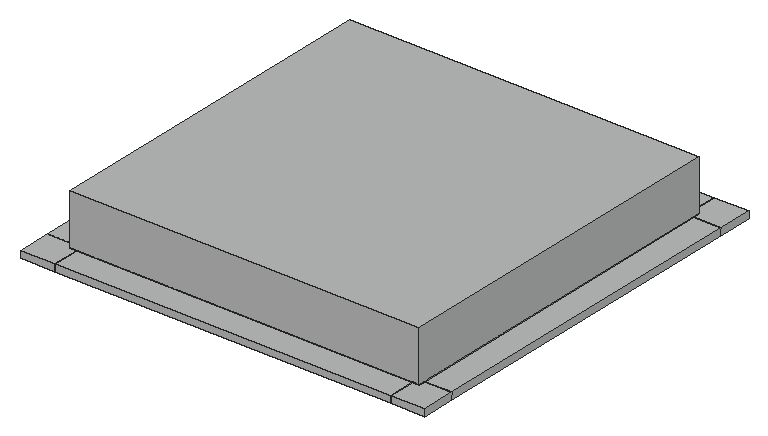
Revit family "ALUMOGIPS", category Осветительные приборы, Revit 2019 (continued)
Types (72, lengths in mm): name | Файл фотометрической сетки | built-in parameter 1150105 | Lumens | built-in parameter 1150106 | built-in parameter 1150142 | Wattage | Emit from Rectangle Width | Emit from Rectangle Length | Длина | Материал светильника | Ширина | ADSK_Ток | ADSK_Полная мощность | ADSK_Обозначение | ADSK_Номинальная мощность | ADSK_Наименование | ADSK_Масса | ADSK_Код изделия
  Alumogips-38/opal-sand 610х610 (IP40, 4000К, белый, грильято) | "Светильник ALUMOGIPS-38 OPAL-SAND-(610x610).IES" | 302.39 (stored number, unit not read) | 3800 lm | 3.0239 (stored number, unit not read) | "IESNA:LM-63-95\r\n[TEST] Протокол № 50-12 \r\n[DATA] 20.06.2016\r\n[MORE] \r\n[MANUFAC] ЗАО \"Центрстройсвет\"\r\n[LUMCAT]  Светильник ALUMOGIPS-38/OPAL-SAND-(610x610)\r\n[LUMINAIRE]\r\n[LAMPCAT] Светодиоды\r\n[LAMP] Поток источника света (светодиодов) не известен\r\n[MORE] КСС приведена в абсолютных величинах кд\r\n[MORE] Вместо потока лампы, указан поток светильника.\r\nTILT=NONE\r\n1    3750 1.0 37 73 1 2 0.61 0.61 0.04\r\n1.0 1.0 38.7\r\n0.0 5.0 10.0 15.0 20.0 25.0 30.0 35.0 40.0 45.0 50.0 55.0 60.0 65.0 70.0 75.0 80.0 85.0 90.0 95.0 100.0 105.0 110.0 115.0 120.0 125.0 130.0 135.0 140.0 145.0 150.0 155.0 160.0 165.0 170.0 175.0 180.0\r\n0.0 5.0 10.0 15.0 20.0 25.0 30.0 35.0 40.0 45.0 50.0 55.0 60.0 65.0 70.0 75.0 80.0 85.0 90.0 95.0 100.0 105.0 110.0 115.0 120.0 125.0 130.0 135.0 140.0 145.0 150.0 155.0 160.0 165.0 170.0 175.0 180.0 185.0 190.0 195.0 200.0 205.0 210.0 215.0 220.0 225.0 230.0 235.0 240.0 245.0 250.0 255.0 260.0 265.0 270.0 275.0 280.0 285.0 290.0 295.0 300.0 305.0 310.0 315.0 320.0 325.0 330.0 335.0 340.0 345.0 350.0 355.0 360.0\r\n1391.4 1390.6 1365.7 1330.6 1277.5 1214.9 1147.5 1059.6 967.6 873.2 772.4 664.9 556.3 449.1 342.7 240.6 147.1 64.2 4.7 0.0 0.0 0.0 0.0 0.0 0.0 0.0 0.0 0.0 0.0 0.0 0.0 0.0 0.0 0.0 0.0 0.0 0.0\r\n1391.4 1390.5 1367.8 1332.7 1284.3 1221.3 1147.0 1062.1 969.2 872.4 773.2 666.3 557.1 450.1 343.8 241.9 146.9 64.7 5.2 0.0 0.0 0.0 0.0 0.0 0.0 0.0 0.0 0.0 0.0 0.0 0.0 0.0 0.0 0.0 0.0 0.0 0.0\r\n1391.4 1390.2 1372.0 1333.3 1277.3 1216.8 1144.5 1057.4 969.6 875.1 773.8 669.5 560.0 454.6 345.8 242.4 148.5 65.8 5.4 0.0 0.0 0.0 0.0 0.0 0.0 0.0 0.0 0.0 0.0 0.0 0.0 0.0 0.0 0.0 0.0 0.0 0.0\r\n1391.4 1389.8 1371.2 1330.7 1279.5 1220.5 1148.3 1059.9 967.7 873.2 767.5 666.8 561.4 453.0 347.1 243.7 149.9 65.6 5.8 0.0 0.0 0.0 0.0 0.0 0.0 0.0 0.0 0.0 0.0 0.0 0.0 0.0 0.0 0.0 0.0 0.0 0.0\r\n1391.4 1389.8 1368.3 1329.3 1285.0 1214.6 1141.1 1058.7 971.8 871.3 775.2 666.9 559.4 452.6 345.8 242.5 150.0 65.8 6.1 0.0 0.0 0.0 0.0 0.0 0.0 0.0 0.0 0.0 0.0 0.0 0.0 0.0 0.0 0.0 0.0 0.0 0.0\r\n1391.4 1390.5 1367.3 1332.3 1281.7 1219.0 1142.8 1064.6 970.5 874.4 772.1 667.5 560.2 453.0 346.2 241.8 149.4 65.7 5.6 0.0 0.0 0.0 0.0 0.0 0.0 0.0 0.0 0.0 0.0 0.0 0.0 0.0 0.0 0.0 0.0 0.0 0.0\r\n1391.4 1391.4 1368.1 1333.5 1277.3 1215.7 1139.0 1059.6 968.1 872.4 771.6 667.4 558.8 453.3 344.3 243.9 148.4 65.7 5.4 0.0 0.0 0.0 0.0 0.0 0.0 0.0 0.0 0.0 0.0 0.0 0.0 0.0 0.0 0.0 0.0 0.0 0.0\r\n1391.4 1391.7 1368.1 1330.4 1278.2 1213.9 1142.4 1061.6 967.4 875.1 772.0 669.3 561.1 452.5 345.2 242.1 148.3 65.4 5.5 0.0 0.0 0.0 0.0 0.0 0.0 0.0 0.0 0.0 0.0 0.0 0.0 0.0 0.0 0.0 0.0 0.0 0.0\r\n1391.4 1391.5 1371.0 1328.4 1278.5 1216.7 1142.1 1061.2 971.8 874.7 772.1 668.9 560.8 452.9 345.4 243.3 147.7 66.0 5.4 0.0 0.0 0.0 0.0 0.0 0.0 0.0 0.0 0.0 0.0 0.0 0.0 0.0 0.0 0.0 0.0 0.0 0.0\r\n1391.4 1391.5 1373.2 1330.5 1277.3 1215.5 1143.2 1063.6 967.0 872.7 772.2 669.4 558.9 453.2 346.6 241.9 148.1 65.2 5.5 0.0 0.0 0.0 0.0 0.0 0.0 0.0 0.0 0.0 0.0 0.0 0.0 0.0 0.0 0.0 0.0 0.0 0.0\r\n1391.4 1391.4 1369.7 1328.3 1281.3 1216.0 1139.8 1057.9 968.7 875.3 773.9 667.6 561.8 454.0 344.0 243.1 147.2 65.6 5.5 0.0 0.0 0.0 0.0 0.0 0.0 0.0 0.0 0.0 0.0 0.0 0.0 0.0 0.0 0.0 0.0 0.0 0.0\r\n1391.4 1390.5 1367.9 1330.1 1278.1 1218.1 1138.9 1061.0 970.0 871.8 770.4 669.3 560.2 453.4 346.9 242.1 148.3 65.2 5.2 0.0 0.0 0.0 0.0 0.0 0.0 0.0 0.0 0.0 0.0 0.0 0.0 0.0 0.0 0.0 0.0 0.0 0.0\r\n1391.4 1389.3 1368.2 1329.1 1280.8 1214.4 1142.5 1059.2 967.2 874.3 772.4 668.0 563.1 452.3 345.7 242.8 146.8 64.9 5.1 0.0 0.0 0.0 0.0 0.0 0.0 0.0 0.0 0.0 0.0 0.0 0.0 0.0 0.0 0.0 0.0 0.0 0.0\r\n1391.4 1388.6 1367.4 1327.8 1278.0 1215.7 1141.0 1061.0 971.5 877.3 771.2 667.3 561.5 453.0 346.4 242.4 146.3 64.8 5.2 0.0 0.0 0.0 0.0 0.0 0.0 0.0 0.0 0.0 0.0 0.0 0.0 0.0 0.0 0.0 0.0 0.0 0.0\r\n1391.4 1388.0 1367.6 1326.7 1278.3 1218.0 1140.9 1061.5 968.4 873.4 770.1 666.6 562.1 454.6 344.8 241.8 146.4 64.0 5.5 0.0 0.0 0.0 0.0 0.0 0.0 0.0 0.0 0.0 0.0 0.0 0.0 0.0 0.0 0.0 0.0 0.0 0.0\r\n1391.4 1387.2 1366.1 1331.0 1281.4 1216.3 1142.7 1059.1 969.4 871.5 772.2 667.3 560.5 453.0 344.4 242.2 146.4 63.8 5.6 0.0 0.0 0.0 0.0 0.0 0.0 0.0 0.0 0.0 0.0 0.0 0.0 0.0 0.0 0.0 0.0 0.0 0.0\r\n1391.4 1387.1 1366.3 1328.7 1276.9 1214.5 1141.2 1059.3 968.4 874.3 775.5 668.3 562.5 454.9 346.4 241.3 146.2 63.5 5.7 0.0 0.0 0.0 0.0 0.0 0.0 0.0 0.0 0.0 0.0 0.0 0.0 0.0 0.0 0.0 0.0 0.0 0.0\r\n1391.4 1388.4 1366.0 1329.7 1279.2 1217.9 1140.0 1060.5 969.0 873.9 772.0 671.3 560.4 453.2 343.7 241.7 145.8 63.7 5.4 0.0 0.0 0.0 0.0 0.0 0.0 0.0 0.0 0.0 0.0 0.0 0.0 0.0 0.0 0.0 0.0 0.0 0.0\r\n1391.4 1389.6 1367.7 1329.3 1277.2 1211.1 1140.1 1061.0 971.0 871.2 769.2 669.1 561.5 453.1 343.3 241.9 145.8 63.4 5.2 0.0 0.0 0.0 0.0 0.0 0.0 0.0 0.0 0.0 0.0 0.0 0.0 0.0 0.0 0.0 0.0 0.0 0.0\r\n1391.4 1388.8 1366.9 1327.1 1279.4 1214.2 1142.5 1056.4 970.7 870.3 771.0 665.1 560.4 453.3 343.8 241.1 145.7 63.4 5.2 0.0 0.0 0.0 0.0 0.0 0.0 0.0 0.0 0.0 0.0 0.0 0.0 0.0 0.0 0.0 0.0 0.0 0.0\r\n1391.4 1387.2 1365.8 1328.9 1276.6 1210.2 1141.4 1059.3 966.6 871.4 770.5 667.4 559.2 451.4 344.2 241.0 145.6 63.2 5.1 0.0 0.0 0.0 0.0 0.0 0.0 0.0 0.0 0.0 0.0 0.0 0.0 0.0 0.0 0.0 0.0 0.0 0.0\r\n1391.4 1386.8 1364.4 1329.8 1279.4 1213.7 1144.0 1059.0 965.3 873.7 768.8 668.9 559.4 449.5 342.6 241.5 144.6 63.4 5.0 0.0 0.0 0.0 0.0 0.0 0.0 0.0 0.0 0.0 0.0 0.0 0.0 0.0 0.0 0.0 0.0 0.0 0.0\r\n1391.4 1388.1 1365.8 1328.1 1273.8 1213.4 1137.9 1059.2 967.3 869.2 769.3 667.7 558.4 451.4 344.0 240.6 145.7 63.4 4.9 0.0 0.0 0.0 0.0 0.0 0.0 0.0 0.0 0.0 0.0 0.0 0.0 0.0 0.0 0.0 0.0 0.0 0.0\r\n1391.4 1389.2 1364.4 1323.2 1276.3 1213.8 1137.6 1055.3 963.1 871.0 767.7 664.1 559.7 447.1 342.4 240.1 145.2 63.9 5.1 0.0 0.0 0.0 0.0 0.0 0.0 0.0 0.0 0.0 0.0 0.0 0.0 0.0 0.0 0.0 0.0 0.0 0.0\r\n1391.4 1388.4 1362.3 1326.8 1274.4 1212.2 1137.9 1054.7 966.7 867.9 768.7 663.4 557.3 449.2 343.3 240.0 145.7 63.6 5.0 0.0 0.0 0.0 0.0 0.0 0.0 0.0 0.0 0.0 0.0 0.0 0.0 0.0 0.0 0.0 0.0 0.0 0.0\r\n1391.4 1386.2 1361.8 1326.5 1273.3 1211.2 1134.5 1048.6 964.3 866.3 767.8 662.9 556.7 449.5 341.9 239.8 145.7 63.7 5.0 0.0 0.0 0.0 0.0 0.0 0.0 0.0 0.0 0.0 0.0 0.0 0.0 0.0 0.0 0.0 0.0 0.0 0.0\r\n1391.4 1384.4 1363.5 1324.4 1272.0 1209.5 1137.2 1053.0 960.2 867.5 767.9 662.7 556.7 449.2 342.5 239.1 146.2 63.8 4.8 0.0 0.0 0.0 0.0 0.0 0.0 0.0 0.0 0.0 0.0 0.0 0.0 0.0 0.0 0.0 0.0 0.0 0.0\r\n1391.4 1383.7 1362.4 1324.4 1274.0 1209.5 1134.4 1050.1 965.4 864.9 764.6 662.3 556.6 447.9 340.5 240.3 145.5 64.6 4.6 0.0 0.0 0.0 0.0 0.0 0.0 0.0 0.0 0.0 0.0 0.0 0.0 0.0 0.0 0.0 0.0 0.0 0.0\r\n1391.4 1384.4 1361.9 1326.9 1270.2 1207.3 1132.7 1050.1 959.7 867.7 763.1 662.2 555.0 447.3 343.0 238.3 145.8 63.9 4.7 0.0 0.0 0.0 0.0 0.0 0.0 0.0 0.0 0.0 0.0 0.0 0.0 0.0 0.0 0.0 0.0 0.0 0.0\r\n1391.4 1385.1 1363.0 1320.0 1270.4 1207.9 1134.4 1055.0 963.5 867.3 766.7 660.7 555.9 450.1 342.6 240.2 145.9 64.3 4.9 0.0 0.0 0.0 0.0 0.0 0.0 0.0 0.0 0.0 0.0 0.0 0.0 0.0 0.0 0.0 0.0 0.0 0.0\r\n1391.4 1384.9 1362.3 1321.4 1273.1 1208.0 1135.4 1052.3 961.9 865.0 764.0 660.8 553.5 447.6 341.2 240.3 146.1 63.8 4.8 0.0 0.0 0.0 0.0 0.0 0.0 0.0 0.0 0.0 0.0 0.0 0.0 0.0 0.0 0.0 0.0 0.0 0.0\r\n1391.4 1383.8 1361.2 1322.1 1265.1 1211.5 1132.8 1049.3 961.3 863.4 764.0 661.0 550.7 447.9 341.0 240.1 146.2 63.8 4.6 0.0 0.0 0.0 0.0 0.0 0.0 0.0 0.0 0.0 0.0 0.0 0.0 0.0 0.0 0.0 0.0 0.0 0.0\r\n1391.4 1382.8 1359.3 1321.5 1269.3 1206.8 1132.8 1051.1 958.3 863.2 763.1 662.7 553.4 448.0 340.4 240.0 145.8 63.8 4.0 0.0 0.0 0.0 0.0 0.0 0.0 0.0 0.0 0.0 0.0 0.0 0.0 0.0 0.0 0.0 0.0 0.0 0.0\r\n1391.4 1382.6 1359.0 1319.6 1268.1 1204.3 1129.8 1049.0 957.7 861.8 761.7 658.4 554.2 446.1 340.4 239.0 145.6 63.8 3.8 0.0 0.0 0.0 0.0 0.0 0.0 0.0 0.0 0.0 0.0 0.0 0.0 0.0 0.0 0.0 0.0 0.0 0.0\r\n1391.4 1382.8 1358.5 1315.8 1266.5 1202.1 1128.5 1049.2 957.6 860.0 762.1 658.2 549.9 443.8 339.6 238.4 145.7 63.6 3.7 0.0 0.0 0.0 0.0 0.0 0.0 0.0 0.0 0.0 0.0 0.0 0.0 0.0 0.0 0.0 0.0 0.0 0.0\r\n1391.4 1382.2 1360.5 1319.2 1265.9 1204.5 1129.9 1046.9 955.0 862.9 758.9 657.9 552.5 444.9 338.9 238.8 145.3 63.6 3.3 0.0 0.0 0.0 0.0 0.0 0.0 0.0 0.0 0.0 0.0 0.0 0.0 0.0 0.0 0.0 0.0 0.0 0.0\r\n1391.4 1381.1 1361.2 1321.0 1268.1 1203.8 1128.8 1047.4 955.6 863.7 761.1 656.4 551.5 445.2 339.2 238.5 144.7 62.5 3.5 0.0 0.0 0.0 0.0 0.0 0.0 0.0 0.0 0.0 0.0 0.0 0.0 0.0 0.0 0.0 0.0 0.0 0.0\r\n1391.4 1380.6 1359.0 1316.4 1268.5 1204.0 1126.1 1049.5 956.2 859.6 759.7 656.5 549.2 444.3 338.4 236.1 143.8 61.6 3.2 0.0 0.0 0.0 0.0 0.0 0.0 0.0 0.0 0.0 0.0 0.0 0.0 0.0 0.0 0.0 0.0 0.0 0.0\r\n1391.4 1380.7 1356.6 1316.0 1267.0 1205.6 1130.3 1044.8 956.9 856.7 759.3 653.5 548.1 441.9 335.3 235.4 141.4 60.3 2.9 0.0 0.0 0.0 0.0 0.0 0.0 0.0 0.0 0.0 0.0 0.0 0.0 0.0 0.0 0.0 0.0 0.0 0.0\r\n1391.4 1380.4 1354.4 1317.9 1268.8 1199.0 1129.0 1044.0 956.9 860.6 758.3 656.9 549.1 442.0 334.4 236.1 141.7 60.5 2.6 0.0 0.0 0.0 0.0 0.0 0.0 0.0 0.0 0.0 0.0 0.0 0.0 0.0 0.0 0.0 0.0 0.0 0.0\r\n1391.4 1380.1 1356.7 1322.1 1264.6 1201.7 1129.9 1047.4 957.2 859.7 758.2 656.1 549.4 442.8 335.3 235.8 141.3 60.6 2.3 0.0 0.0 0.0 0.0 0.0 0.0 0.0 0.0 0.0 0.0 0.0 0.0 0.0 0.0 0.0 0.0 0.0 0.0\r\n1391.4 1379.9 1357.3 1317.5 1265.9 1207.8 1129.2 1046.5 955.7 860.2 758.6 656.9 550.7 441.9 335.4 233.9 140.6 60.2 2.4 0.0 0.0 0.0 0.0 0.0 0.0 0.0 0.0 0.0 0.0 0.0 0.0 0.0 0.0 0.0 0.0 0.0 0.0\r\n1391.4 1379.2 1355.5 1314.6 1269.3 1203.7 1133.5 1044.8 957.2 857.9 762.0 656.6 548.7 440.4 335.9 234.5 140.4 59.8 2.8 0.0 0.0 0.0 0.0 0.0 0.0 0.0 0.0 0.0 0.0 0.0 0.0 0.0 0.0 0.0 0.0 0.0 0.0\r\n1391.4 1377.9 1357.1 1319.2 1271.9 1204.4 1128.6 1050.2 953.1 856.9 757.6 653.7 548.9 439.9 335.4 232.4 140.5 59.2 3.0 0.0 0.0 0.0 0.0 0.0 0.0 0.0 0.0 0.0 0.0 0.0 0.0 0.0 0.0 0.0 0.0 0.0 0.0\r\n1391.4 1377.2 1356.3 1322.9 1266.0 1204.8 1132.2 1049.0 958.1 859.3 759.0 654.6 547.0 441.6 334.9 232.1 139.3 58.8 2.9 0.0 0.0 0.0 0.0 0.0 0.0 0.0 0.0 0.0 0.0 0.0 0.0 0.0 0.0 0.0 0.0 0.0 0.0\r\n1391.4 1377.8 1353.8 1319.7 1269.6 1207.9 1135.8 1049.5 955.8 858.0 762.4 655.9 548.2 441.6 335.6 231.7 139.4 58.8 2.8 0.0 0.0 0.0 0.0 0.0 0.0 0.0 0.0 0.0 0.0 0.0 0.0 0.0 0.0 0.0 0.0 0.0 0.0\r\n1391.4 1378.5 1355.2 1319.8 1267.3 1206.5 1131.2 1046.1 954.6 861.2 756.6 653.8 548.1 440.3 335.0 232.6 138.6 59.0 2.9 0.0 0.0 0.0 0.0 0.0 0.0 0.0 0.0 0.0 0.0 0.0 0.0 0.0 0.0 0.0 0.0 0.0 0.0\r\n1391.4 1378.6 1355.1 1318.3 1269.7 1200.8 1133.1 1049.0 957.6 862.5 762.4 656.9 549.3 443.5 334.7 231.2 138.8 58.1 3.0 0.0 0.0 0.0 0.0 0.0 0.0 0.0 0.0 0.0 0.0 0.0 0.0 0.0 0.0 0.0 0.0 0.0 0.0\r\n1391.4 1378.8 1355.8 1321.7 1268.8 1210.0 1129.0 1048.5 958.8 862.4 762.2 656.4 549.0 441.1 335.4 231.5 138.5 58.1 3.0 0.0 0.0 0.0 0.0 0.0 0.0 0.0 0.0 0.0 0.0 0.0 0.0 0.0 0.0 0.0 0.0 0.0 0.0\r\n1391.4 1379.6 1357.6 1321.7 1269.0 1207.1 1133.9 1047.0 964.1 863.3 761.9 656.4 551.5 440.7 334.9 232.2 137.6 58.1 2.8 0.0 0.0 0.0 0.0 0.0 0.0 0.0 0.0 0.0 0.0 0.0 0.0 0.0 0.0 0.0 0.0 0.0 0.0\r\n1391.4 1380.6 1357.7 1319.2 1272.0 1207.5 1131.3 1054.6 959.0 863.3 764.8 655.9 549.1 443.0 335.1 231.3 138.0 58.1 2.7 0.0 0.0 0.0 0.0 0.0 0.0 0.0 0.0 0.0 0.0 0.0 0.0 0.0 0.0 0.0 0.0 0.0 0.0\r\n1391.4 1381.5 1358.5 1321.9 1271.0 1204.1 1135.9 1055.8 962.5 865.5 761.1 656.9 550.6 442.0 335.3 231.9 137.4 57.9 2.6 0.0 0.0 0.0 0.0 0.0 0.0 0.0 0.0 0.0 0.0 0.0 0.0 0.0 0.0 0.0 0.0 0.0 0.0\r\n1391.4 1381.3 1358.5 1322.3 1270.8 1207.2 1133.7 1051.9 958.0 867.3 767.5 657.0 552.1 442.3 333.6 231.2 137.9 57.8 2.6 0.0 0.0 0.0 0.0 0.0 0.0 0.0 0.0 0.0 0.0 0.0 0.0 0.0 0.0 0.0 0.0 0.0 0.0\r\n1391.4 1380.6 1359.4 1319.7 1270.6 1209.0 1133.0 1052.1 963.9 867.5 764.1 660.0 554.0 443.3 334.8 231.7 137.6 57.8 2.7 0.0 0.0 0.0 0.0 0.0 0.0 0.0 0.0 0.0 0.0 0.0 0.0 0.0 0.0 0.0 0.0 0.0 0.0\r\n1391.4 1381.3 1359.9 1321.3 1270.6 1204.8 1135.0 1051.3 962.1 865.5 761.7 660.3 553.1 443.5 334.1 231.9 137.9 57.8 2.8 0.0 0.0 0.0 0.0 0.0 0.0 0.0 0.0 0.0 0.0 0.0 0.0 0.0 0.0 0.0 0.0 0.0 0.0\r\n1391.4 1383.1 1362.1 1324.8 1273.8 1208.7 1134.8 1055.9 961.8 866.4 762.3 659.7 552.4 443.7 334.4 232.8 138.0 58.0 2.8 0.0 0.0 0.0 0.0 0.0 0.0 0.0 0.0 0.0 0.0 0.0 0.0 0.0 0.0 0.0 0.0 0.0 0.0\r\n1391.4 1384.6 1360.4 1321.7 1272.0 1210.6 1130.9 1052.5 963.1 866.7 767.4 659.3 553.7 444.6 335.4 233.1 138.3 58.0 2.8 0.0 0.0 0.0 0.0 0.0 0.0 0.0 0.0 0.0 0.0 0.0 0.0 0.0 0.0 0.0 0.0 0.0 0.0\r\n1391.4 1385.6 1357.5 1324.7 1273.9 1211.6 1134.3 1052.7 963.6 865.4 763.1 658.7 552.2 444.9 336.9 232.8 138.8 58.6 2.9 0.0 0.0 0.0 0.0 0.0 0.0 0.0 0.0 0.0 0.0 0.0 0.0 0.0 0.0 0.0 0.0 0.0 0.0\r\n1391.4 1386.4 1357.8 1323.4 1273.2 1212.2 1136.3 1054.7 967.5 867.5 764.0 659.4 553.3 443.7 336.8 233.2 138.9 58.5 3.1 0.0 0.0 0.0 0.0 0.0 0.0 0.0 0.0 0.0 0.0 0.0 0.0 0.0 0.0 0.0 0.0 0.0 0.0\r\n1391.4 1386.6 1362.0 1324.9 1273.2 1211.3 1139.0 1049.9 960.3 866.4 768.0 661.3 552.2 443.4 336.3 233.4 139.8 58.9 3.1 0.0 0.0 0.0 0.0 0.0 0.0 0.0 0.0 0.0 0.0 0.0 0.0 0.0 0.0 0.0 0.0 0.0 0.0\r\n1391.4 1386.0 1360.5 1326.0 1271.8 1212.0 1137.2 1059.3 963.5 867.6 766.9 661.2 552.3 445.8 337.8 233.6 141.0 59.2 3.3 0.0 0.0 0.0 0.0 0.0 0.0 0.0 0.0 0.0 0.0 0.0 0.0 0.0 0.0 0.0 0.0 0.0 0.0\r\n1391.4 1385.0 1362.3 1325.1 1272.0 1207.1 1138.5 1053.6 964.5 865.8 766.5 661.6 554.3 445.9 337.0 234.5 140.4 60.2 3.5 0.0 0.0 0.0 0.0 0.0 0.0 0.0 0.0 0.0 0.0 0.0 0.0 0.0 0.0 0.0 0.0 0.0 0.0\r\n1391.4 1384.4 1361.8 1323.6 1274.0 1214.8 1138.9 1053.9 968.0 867.9 769.0 663.8 555.6 446.7 339.6 235.0 141.3 60.4 3.4 0.0 0.0 0.0 0.0 0.0 0.0 0.0 0.0 0.0 0.0 0.0 0.0 0.0 0.0 0.0 0.0 0.0 0.0\r\n1391.4 1385.0 1360.9 1322.2 1272.4 1209.8 1137.2 1055.7 962.7 869.7 769.6 658.2 556.6 447.4 338.5 236.2 142.5 60.7 3.4 0.0 0.0 0.0 0.0 0.0 0.0 0.0 0.0 0.0 0.0 0.0 0.0 0.0 0.0 0.0 0.0 0.0 0.0\r\n1391.4 1386.6 1363.1 1323.6 1272.5 1211.5 1139.2 1058.4 969.9 868.0 768.8 664.6 556.3 445.8 342.1 236.1 142.3 61.2 3.5 0.0 0.0 0.0 0.0 0.0 0.0 0.0 0.0 0.0 0.0 0.0 0.0 0.0 0.0 0.0 0.0 0.0 0.0\r\n1391.4 1388.6 1360.9 1330.2 1273.7 1213.2 1138.7 1058.3 966.2 867.0 766.8 663.4 553.3 447.1 339.2 238.7 143.0 61.4 3.8 0.0 0.0 0.0 0.0 0.0 0.0 0.0 0.0 0.0 0.0 0.0 0.0 0.0 0.0 0.0 0.0 0.0 0.0\r\n1391.4 1389.8 1360.8 1328.4 1276.8 1216.0 1140.1 1055.8 963.1 870.3 768.4 663.1 554.0 449.1 340.1 237.3 144.8 61.7 3.8 0.0 0.0 0.0 0.0 0.0 0.0 0.0 0.0 0.0 0.0 0.0 0.0 0.0 0.0 0.0 0.0 0.0 0.0\r\n1391.4 1389.3 1362.5 1325.9 1278.0 1210.4 1138.2 1054.7 967.8 872.7 770.2 661.9 556.5 446.9 341.3 237.7 144.4 62.5 3.9 0.0 0.0 0.0 0.0 0.0 0.0 0.0 0.0 0.0 0.0 0.0 0.0 0.0 0.0 0.0 0.0 0.0 0.0\r\n1391.4 1387.8 1365.8 1326.6 1274.3 1213.2 1141.4 1053.1 966.2 871.2 768.4 663.7 555.0 447.1 341.3 238.2 144.3 62.7 4.1 0.0 0.0 0.0 0.0 0.0 0.0 0.0 0.0 0.0 0.0 0.0 0.0 0.0 0.0 0.0 0.0 0.0 0.0\r\n1391.4 1387.2 1364.2 1328.3 1274.8 1209.4 1145.0 1060.0 963.9 867.5 766.5 663.4 556.7 448.2 340.9 240.3 144.7 63.3 4.0 0.0 0.0 0.0 0.0 0.0 0.0 0.0 0.0 0.0 0.0 0.0 0.0 0.0 0.0 0.0 0.0 0.0 0.0\r\n1391.4 1388.4 1364.9 1332.6 1279.0 1215.6 1140.9 1056.3 969.3 867.1 770.0 663.8 559.0 449.0 342.4 240.3 145.7 63.3 4.7 0.0 0.0 0.0 0.0 0.0 0.0 0.0 0.0 0.0 0.0 0.0 0.0 0.0 0.0 0.0 0.0 0.0 0.0\r\n1391.4 1390.0 1364.5 1329.3 1281.4 1217.7 1141.3 1063.3 970.3 871.1 768.8 663.5 555.2 449.3 342.4 239.8 146.6 63.3 4.9 0.0 0.0 0.0 0.0 0.0 0.0 0.0 0.0 0.0 0.0 0.0 0.0 0.0 0.0 0.0 0.0 0.0 0.0\r\n1391.4 1390.6 1365.7 1330.6 1277.5 1214.9 1147.5 1059.6 967.6 873.2 772.4 664.9 556.3 449.1 342.7 240.6 147.1 64.2 4.7 0.0 0.0 0.0 0.0 0.0 0.0 0.0 0.0 0.0 0.0 0.0 0.0 0.0 0.0 0.0 0.0 0.0 0.0\r\n" | 25.582 W | 590 | 590 | 610 | RAL 9001 | 610 | 0.179584 A | 41.3043 VA | "Alumogips-38/opal-sand 610х610 (IP40, 4000К, белый, грильято)" | 38 W | "Встраиваемый светодиодный светильник Alumogips-38/opal-sand 610х610 (IP40, 4000К, белый, грильято)" | 2.4 | "ЦБ00000
    7801"
